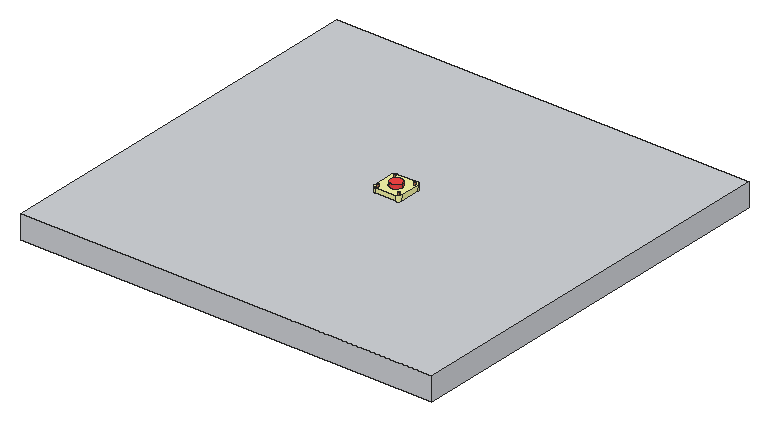
Revit family "ES_Momentry Push Switch", category Lighting Devices, host Face, Revit 2013
Parameters (values of type "1 Gang")
  Switch Voltage = 230 V
  Load Classification = Other
  Label = ""
  Default Elevation = 1200 mm
  Button = Button
  Assembly Code = ""
  Apparent Load = 0 VA
Reference planes
  plane 1 "Center (Front/Back)": y = 0
  plane 2: z = 0
  plane 3 "Center (Left/Right)": x = 0
  plane 4 "level above": z = 4.762
  plane 5 "level below": z = -53.975
  plane 6: x = -43
  plane 7: x = 43
  plane 8: y = 43
  plane 9: y = -43
  plane 10: y = 32
  plane 11: y = -32
  plane 12: x = -32
  plane 13: x = 32
Forms (mm)
  Extrusion 1, solid
    sketch origin (0, 0, 0) x (1, 0, 0) y (0, 1, 0)
      loop
        line (-644.525, 571.5) -> (-644.525, -666.75) -> (644.525, -666.75) -> (644.525, 571.5) -> (-644.525, 571.5)
    from 0 to -72.672
  Extrusion 2, solid
    sketch origin (0, 0, 0) x (1, 0, 0) y (0, 1, 0)
      loop
        line (-32, 32) -> (-32, -32) -> (32, -32) -> (32, 32) -> (-32, 32)
    from 0 to -53.975
  Extrusion 3, solid, material "Face Plate"
    sketch origin (0, 0, 0) x (1, 0, 0) y (0, 1, 0)
      loop
        line (-31, -43) -> (31, -43)
        arc (31, -43) -> (39.485, -39.485) -> (43, -31) r 12
        line (43, -31) -> (43, 31)
        arc (43, 31) -> (39.485, 39.485) -> (31, 43) r 12
        line (31, 43) -> (-31, 43)
        arc (-31, 43) -> (-39.485, 39.485) -> (-43, 31) r 12
        line (-43, 31) -> (-43, -31)
        arc (-43, -31) -> (-39.485, -39.485) -> (-31, -43) r 12
    from 0 to 15
  Extrusion 4, solid, material "Light Body"
    sketch origin (0, 0, 0) x (1, 0, 0) y (0, 1, 0)
      loop
        circle (-32, 32) r 2.5
    from 20 to 15
  Extrusion 5, solid, material "Light Body"
    sketch origin (64, 0, 0) x (1, 0, 0) y (0, 1, 0)
      loop
        circle (-32, 32) r 2.5
    from 20 to 15
  Extrusion 6, solid, material "Light Body"
    sketch origin (0, -64, 0) x (1, 0, 0) y (0, 1, 0)
      loop
        circle (-32, 32) r 2.5
    from 20 to 15
  Extrusion 7, solid, material "Light Body"
    sketch origin (64, -64, 0) x (1, 0, 0) y (0, 1, 0)
      loop
        circle (-32, 32) r 2.5
    from 20 to 15
  Extrusion 8, void
    sketch origin (0, 0, 0) x (1, 0, 0) y (0, 1, 0)
      loop
        circle (0, 0) r 20
    from 15 to 10
  Extrusion 9, solid, material "Button" <- "Button"
    sketch origin (0, 0, 0) x (1, 0, 0) y (0, 1, 0)
      loop
        circle (0, 0) r 18.5
    from 15 to 25
Cuts and joins
  Extrusion 8 cuts Extrusion 3
Lines and regions (mm)
  symbolic lines, detail levels fine
    curve 1: line (34.925, 0, 0) -> (-35.285, 0, 0)
    curve 2: line (34.925, 0, 4.762) -> (34.925, 0, 0)
    curve 3: line (-35.285, 0, 4.762) -> (34.925, 0, 4.762)
    curve 4: line (-35.285, 0, 0) -> (-35.285, 0, 4.762)
    curve 5: line (19.05, 0, -53.975) -> (-19.41, 0, -53.975)
    curve 6: line (19.05, 0, 0) -> (19.05, 0, -53.975)
    curve 7: line (-19.41, 0, -53.975) -> (-19.41, 0, 0)
Dimensions and locks
  locked: plane 4 "level above" to level at 4.763
  locked: level to plane 5 "level below" at 53.975
  plane 6 to plane 3 "Center (Left/Right)" to plane 7 = 43 mm, 43 mm
  plane 6 to plane 7 = 86 mm
  plane 1 "Center (Front/Back)" to plane 9 = 43 mm
  plane 1 "Center (Front/Back)" to plane 8 = 43 mm
  plane 12 to plane 3 "Center (Left/Right)" to plane 13 = 32 mm, 32 mm
  plane 10 to plane 1 "Center (Front/Back)" to plane 11 = 32 mm, 32 mm
  plane 12 to plane 13 = 64 mm
  plane 10 to plane 11 = 64 mm
  aligned and locked: plane 2 to Extrusion 1
  aligned and locked: level to Extrusion 1
  aligned and locked: Extrusion 2 to level
  aligned and locked: Extrusion 2 to plane 5 "level below"
Nested families
  nested 1: "SW_MPS" at (0, 0, 0), type "SW_MPS"
Connectors
  electrical at (0, 0, 0)
    settings: on cut or joined group of Extrusion 3, Extrusion 8, index 1, voltage 0 V, apparent load 0 VA, apparent load phase1 0 VA, apparent load phase2 0 VA, apparent load phase3 0 VA, power factor 1, load classification "Other", number of poles 1, system type 31, power factor state 1, is connector primary yes, connector utility no, sub classification motor no, connector description ""
Definition of nested family "SW_MPS"
  Reference planes
    plane 1: y = 0
    plane 2: x = 0
  Lines and regions (mm)
    Filled region 1, type "Filled region 1"
      outline origin (0, 0, 0) x (1, 0, 0) y (0, 1, 0)
        loop
          circle (0, 0.837) r 0.85
    detail lines, style "Switch Symbols"
      curve 1: line (0, 0.837, 0) -> (3.157, 3.994, 0)
  Text (mm)
    text "P" at (-0.088, 3.445, 0)
